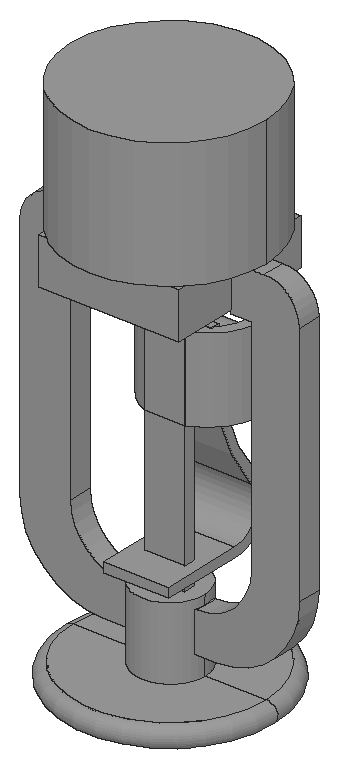
Revit family
Parameters (values of type "RASCO G PENDENT")
  Temperature Rating = 165 °F
  Response = (empty or 0)
  RASCO SIN # = "R1017"
  RASCO Part # = "GP1LB"
  Pressure Rating = "175 PSI"
  Pressure Class = (empty or 0)
  Orifice Size = 17/32"
  Orifice = (empty or 0)
  Model = "G"
  Manufacturer = "RASCO"
  K-Factor = 8.2
  Description = "Bronze Finish"
  Coverage = (empty or 0)
Reference planes (in)
  plane 1 "Center (Front/Back)": y = 0
  plane 2: z = 0
  plane 3 "Center (Left/Right)": x = 0
Dimensions and locks (in)
  aligned and locked: plane 2 to level
Nested families (in)
  nested 1: "GP1LB" at (-0.00619, -0.0713, 2.937) x (-1, 0, 0) z (0, 0, -1), type "RASCO G PENDENT"
Connectors (in)
  piping at (-0.00619, -0.0713, 2.937)
    settings: on nested 1, index 1, connector radius 1/2", flow factor 0, pipe flow 0 GPM, pressure drop 0.00 psi, fitting loss kfactor 0, connector angle 0.00°, fixture units 0, flow configuration 0, flow direction 0, fitting loss method 0, system type 7, connector reference index -1, connector utility 0, adjustable connector no, is connector primary yes, fitting loss table "", connector description ""
Definition of nested family "GP1LB"
  Parameters (values of type "RASCO G PENDENT")
    Type Comments = ""
    Temperature Rating = 0 °F
    Response = (empty or 0)
    Pressure Rating = "0"
    Pressure Class = (empty or 0)
    Orifice Size = 0"
    Orifice = (empty or 0)
    Model = ""
    Manufacturer = ""
    K-Factor = 0
    Description = ""
    Coverage = (empty or 0)
    Assembly Code = ""
  Reference planes (in)
    plane 1 "Center (Front/Back)": y = 0
    plane 2: z = 0
    plane 3 "ref.2": z = 0.6875
    plane 4 "ref.3": z = 0.9375
    plane 5: x = -0.38065
    plane 6: x = 0.36935
    plane 7 "ref. side 1": y = 0.06402
    plane 8 "ref. side 2": y = -0.06098
    plane 9 "ref.4": z = 1.875
    plane 10 "ref.5": z = 2.937
    plane 11 "center": x = -0.00574
  Forms (in)
    Extrusion 1, solid, material "Default"
      sketch origin (0, 0, 0) x (1, 0, 0) y (0, 1, 0)
        loop
          circle (0, 0) r 0.5245
      from 0 to 0.6875
    Extrusion 2, solid, material "Default"
      sketch origin (-0.12185, 0.05177, 0.6875) x (1, 0, 0) y (0, 1, 0)
        loop
          line (-0.2588, 0.356) -> (-0.2588, -0.4565) -> (0.4912, -0.4565) -> (0.4912, 0.356) -> (-0.2588, 0.356)
      from 0 to 0.25
    Extrusion 3, solid, material "Default"
      sketch origin (-0.00034, 0, 0.01527) x (1, 0, 0) y (0, 0, 1)
        loop
          line (-0.49248, 0.9375) -> (-0.49248, 2.1327)
          arc (-0.49248, 2.1327) -> (-0.40724, 2.33849) -> (-0.20145, 2.42373) r 0.29103
          line (-0.20145, 2.42373) -> (0.18108, 2.42373)
          arc (0.18108, 2.42373) -> (0.38905, 2.33759) -> (0.47519, 2.12963) r 0.29411
          line (0.47519, 2.12963) -> (0.47519, 0.9375) -> (0.36935, 0.9375) -> (0.36935, 0.6875) -> (0.55741, 0.6875)
          arc (0.55741, 0.6875) -> (0.69165, 0.7431) -> (0.74725, 0.87734) r 0.18984
          line (0.74725, 0.87734) -> (0.74725, 2.19113)
          arc (0.74725, 2.19113) -> (0.61669, 2.50631) -> (0.3015, 2.63687) r 0.44574
          line (0.3015, 2.63687) -> (-0.30719, 2.63687)
          arc (-0.30719, 2.63687) -> (-0.62225, 2.50637) -> (-0.75275, 2.19131) r 0.44556
          line (-0.75275, 2.19131) -> (-0.75275, 0.87876)
          arc (-0.75275, 0.87876) -> (-0.69673, 0.74352) -> (-0.56149, 0.6875) r 0.19126
          line (-0.56149, 0.6875) -> (-0.38065, 0.6875) -> (-0.38065, 0.9375) -> (-0.49248, 0.9375)
      from -0.06402 to 0.06098
    Extrusion 4, solid, material "Default"
      sketch origin (-0.00199, 0, 2.4995) x (-1, 0, 0) y (0, -1, 0)
        loop
          circle (0.00574, -0.00152) r 0.1875
      from -0.10571 to 0.4375
    Revolve 5, solid, material "Default"
      sketch origin (-0.00271, 0, 0.37011) x (1, 0, 0) y (0, 0, 1)
        loop
          line (-0.00574, 2.41148) -> (-0.00574, 2.52696) -> (-0.52388, 2.52696)
          arc (-0.52388, 2.52696) -> (-0.58162, 2.46922) -> (-0.52388, 2.41148) r 0.05774
          line (-0.52388, 2.41148) -> (-0.00574, 2.41148)
        axis (-0.00574, 2.41148) -> (-0.00574, 2.52696)
      angle from 0 to 360
    Extrusion 6, solid, material "Default"
      sketch origin (0, 0, 0.9375) x (-1, 0, 0) y (0, -1, 0)
        loop
          line (-0.10175, -0.02852) -> (0.11324, -0.02852) -> (0.11324, 0.03101) -> (-0.10175, 0.03101) -> (-0.10175, -0.02852)
      from 0 to 1.45629
    Extrusion 7, solid, material "Default"
      sketch origin (-0.00574, -0.0095, -0.07537) x (0, 0, -1) y (0, -1, 0)
        loop
          line (-2.39379, 0.21198) -> (-2.39379, -0.229)
          arc (-2.39379, -0.229) -> (-2.26956, -0.41579) -> (-2.04926, -0.37342) r 0.20254
          arc (-2.04926, -0.37342) -> (-1.6599, -0.16721) -> (-1.22163, -0.12207) r 1.15319
          line (-1.22163, -0.12207) -> (-1.22163, -0.07087)
          arc (-1.22163, -0.07087) -> (-1.6782, -0.11947) -> (-2.0834, -0.33544) r 1.20419
          arc (-2.0834, -0.33544) -> (-2.24878, -0.36919) -> (-2.34279, -0.229) r 0.15154
          line (-2.34279, -0.229) -> (-2.34279, 0.21198) -> (-2.39379, 0.21198)
      from -0.17255 to 0.17398
    Extrusion 8, solid, material "Default"
      sketch origin (0, 0, 0) x (1, 0, 0) y (0, 1, 0)
        loop
          arc (0.23993, 0.23051) -> (0.19768, 0.11115) -> (0.10175, 0.02852) r 0.24647
          line (0.10175, 0.02852) -> (-0.11324, 0.02852)
          arc (-0.11324, 0.02852) -> (-0.21767, 0.12447) -> (-0.25194, 0.2621) r 0.24647
          line (-0.25194, 0.2621) -> (-0.25194, 0.40777) -> (-0.30719, 0.40777) -> (-0.30719, 0.25942)
          arc (-0.30719, 0.25942) -> (-0.25653, 0.08328) -> (-0.11324, -0.03101) r 0.30157
          line (-0.11324, -0.03101) -> (0.10175, -0.03101)
          arc (0.10175, -0.03101) -> (0.24461, 0.08262) -> (0.29574, 0.25785) r 0.30157
          line (0.29574, 0.25785) -> (0.29574, 0.40777) -> (0.23993, 0.40777) -> (0.23993, 0.23051)
      from 1.14626 to 1.59756
    Extrusion 9, solid, material "Default"
      sketch origin (-0.00574, -0.0095, -0.07537) x (0, 0, -1) y (0, -1, 0)
        loop
          circle (-1.44728, -0.26892) r 0.13147
      from -0.24568 to 0.24619
  Cuts and joins
    joined: Extrusion 1, Extrusion 2, Revolve 5
  Dimensions and locks (in)
    plane 10 "ref.5" to level = 2.937"
